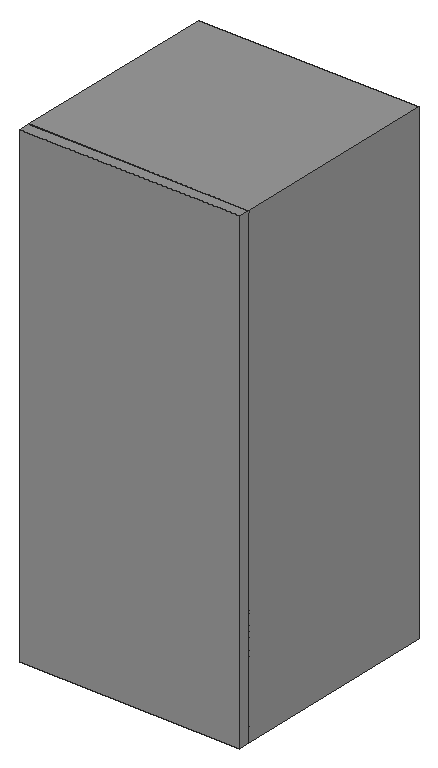
Revit family "AVLN_Холодильная камера", category Мебель, Revit 2019
Family settings
  Номер OmniClass = 23.40.20.00
  Заголовок OmniClass = General Furniture and Specialties
  На основе рабочей плоскости = Нет
  Всегда вертикально = Да
  При загрузке вырезать с полостями = Нет
  Общий = Нет
  Точка расчета площади = Нет
Parameters (values of type "Холодильник фармацевтический специализированный")
  Описание = "Холодильник фармацевтический специализированный, дверь металлическая сталь, 607х600х1300, Э:U=220В, 50Гц, P=220ВТ"
  М.основы = Металл, окрашенный, белый, матовый
  Type Comments = ""
  Keynote = ""
  Manufacturer = ""
  Группа модели = "Оборудование поликлиники"
  ADSK_Размер_Ширина = 607 mm
  ADSK_Размер_Длина = 600 mm
  ADSK_Размер_Высота = 1300 mm
  ADSK_Примечание [instance] = ""
  ADSK_Обозначение = ""
  ADSK_Наименование = "Холодильник фармацевтический специализированный, дверь металлическая сталь, 607х600х1300, Э:U=220В, 50Гц, P=220ВТ"
  ADSK_Масса = 0
  ADSK_Марка = ""
  ADSK_Код изделия = ""
  ADSK_Единица измерения = "шт"  # constant formula
Types (3, lengths in mm): name | Описание | ADSK_Размер_Ширина | ADSK_Размер_Длина | ADSK_Размер_Высота | ADSK_Наименование
  (no name) | "Холодильник фармацевтический специализированный, дверь металлическая сталь, 607х600х1300, Э:U=220В, 50Гц, P=220ВТ" | 607 | 600 | 1300 | "Холодильник фармацевтический специализированный, дверь металлическая сталь, 607х600х1300, Э:U=220В, 50Гц, P=220ВТ"
  Холидильник бытовой однокамерный | "Холодильник бытовой 1 камера, 1 компрессор,\r\n0...+10 градусов, объем общий/холодильной камеры,\r\nл: 295/295, 400х470х830, Э: U=220В, 50Гц, Р=250Вт\r\nХолодильник бытовой 1 камера, 1 компрессор,\r\n0...+10 градусов, объем общий/холодильной камеры,\r\nл: 295/295, 400х470х830, Э: U=220В, 50Гц, Р=250Вт\r\nХолодильник бытовой 1 камера, 1 компрессор,\r\n0...+10 градусов, объем общий/холодильной камеры,\r\nл: 295/295, 400х470х830, Э: U=220В, 50Гц, Р=250Вт\r\nХолодильник бытовой 1 камера, 1 компрессор, 0...+10 градусов, объем общих/холодильной камеры, л: 295/295, 400х470х830, э: U=220B, 50Гц, Р=250Вт" | 470 | 400 | 830 | "Холодильник бытовой 1 камера, 1 компрессор,\r\n0...+10 градусов, объем общий/холодильной камеры,\r\nл: 295/295, 400х470х830, Э: U=220В, 50Гц, Р=250Вт\r\nХолодильник бытовой 1 камера, 1 компрессор,\r\n0...+10 градусов, объем общий/холодильной камеры,\r\nл: 295/295, 400х470х830, Э: U=220В, 50Гц, Р=250Вт\r\nХолодильник бытовой 1 камера, 1 компрессор,\r\n0...+10 градусов, объем общий/холодильной камеры,\r\nл: 295/295, 400х470х830, Э: U=220В, 50Гц, Р=250Вт\r\nХолодильник бытовой 1 камера, 1 компрессор, 0...+10 градусов, объем общих/холодильной камеры, л: 295/295, 400х470х830, э: U=220B, 50Гц, Р=250Вт"
  Холодильник фармацевтический специализированный | "Холодильник фармацевтический специализированный, дверь металлическая сталь, 607х600х1300, Э:U=220В, 50Гц, P=220ВТ" | 607 | 600 | 1300 | "Холодильник фармацевтический специализированный, дверь металлическая сталь, 607х600х1300, Э:U=220В, 50Гц, P=220ВТ"
Reference planes
  plane 1 "По центру (Вперед/Назад)": y = 0
  plane 2: z = 0
  plane 3 "По центру (Влево/Вправо)": x = 0
  plane 4: z = 1300
  plane 5: y = 303.5
  plane 6: x = 300
  plane 7: x = -300
  plane 8: y = -303.5
  plane 9: y = -273.5
Forms (mm)
  Extrusion 1, solid, material "Металл, окрашенный, белый, матовый" <- "М.основы"
    sketch origin (0, -518.993, 592.976) x (-1, 0, 0) y (0, -1, 0)
      loop
        line (300, -822.493) -> (300, -245.493) -> (-300, -245.493) -> (-300, -822.493) -> (300, -822.493)
    from -592.976 to 707.024
  Extrusion 2, solid, material "Металл, окрашенный, белый, матовый" <- "М.основы"
    sketch origin (0, -518.993, 592.976) x (-1, 0, 0) y (0, -1, 0)
      loop
        line (300, -215.493) -> (-300, -215.493) -> (-300, -245.493) -> (300, -245.493) -> (300, -215.493)
    from -592.976 to 707.024
Lines and regions (mm)
  model lines
    curve 1: line (0, -30, 592.976) -> (0, 30, 592.976)
    curve 2: line (21.213, -21.213, 592.976) -> (-21.213, 21.213, 592.976)
    curve 3: line (-21.213, -21.213, 592.976) -> (21.213, 21.213, 592.976)
    curve 7: line (-30, 0, 592.976) -> (30, 0, 592.976)
  model lines, not visible
    curve 4: line (0, -30, 592.976) -> (0, 30, 592.976)
    curve 5: line (21.213, -21.213, 592.976) -> (-21.213, 21.213, 592.976)
    curve 6: line (-21.213, -21.213, 592.976) -> (21.213, 21.213, 592.976)
    curve 8: line (-30, 0, 592.976) -> (30, 0, 592.976)
Dimensions and locks
  plane 2 to plane 4 = 1300 mm
  equal spacing: plane 8, plane 1 "По центру (Вперед/Назад)", plane 5
  equal spacing: plane 7, plane 3 "По центру (Влево/Вправо)", plane 6
  "ADSK_Размер_Длина": plane 7 to plane 6
  "ADSK_Размер_Ширина": plane 5 to plane 8
  "ADSK_Размер_Высота": plane 2 to plane 4
  locked: plane 9 to plane 8 at 30
  aligned and locked: level to plane 2
  aligned and locked: Extrusion 1 sketch curve to plane 5
  aligned and locked: Extrusion 1 sketch curve to plane 7
  aligned and locked: Extrusion 1 sketch curve to plane 6
  aligned and locked: Extrusion 1 to plane 9
  aligned and locked: Extrusion 2 sketch curve to plane 8
  aligned and locked: plane 7 to Extrusion 2 sketch curve
  aligned and locked: Extrusion 2 sketch curve to plane 6
  aligned and locked: Extrusion 2 to plane 9
  aligned and locked: Extrusion 2 to plane 4
  aligned and locked: Extrusion 2 to plane 2
  aligned and locked: Extrusion 1 to plane 4
  aligned and locked: plane 3 "По центру (Влево/Вправо)" to curve 1
  aligned and locked: plane 1 "По центру (Вперед/Назад)" to curve 7
Automatic sketch dimensions
  Extrusion 1 sketch curve to plane 9 = 0 mm
  Extrusion 2 sketch curve to plane 9 = 0 mm
  curve 7 to curve 2 = 8.787 mm
  curve 7 to curve 3 = 8.787 mm
  curve 3 to curve 1 = 21.213 mm
  curve 1 to curve 3 = 21.213 mm
  curve 1 to curve 2 = 21.213 mm
  curve 3 to curve 7 = 8.787 mm
  curve 1 to curve 2 = 8.787 mm
  curve 1 to curve 3 = 8.787 mm
  curve 2 to curve 7 = 21.213 mm
  curve 7 to curve 3 = 21.213 mm
  curve 7 to curve 2 = 21.213 mm
  curve 2 to curve 1 = 8.787 mm
  curve 8 to curve 5 = 8.787 mm
  curve 8 to curve 6 = 8.787 mm
  curve 6 to curve 4 = 21.213 mm
  curve 4 to curve 6 = 21.213 mm
  curve 4 to curve 5 = 21.213 mm
  curve 6 to curve 8 = 8.787 mm
  curve 4 to curve 5 = 8.787 mm
  curve 4 to curve 6 = 8.787 mm
  curve 5 to curve 8 = 21.213 mm
  curve 8 to curve 6 = 21.213 mm
  curve 8 to curve 5 = 21.213 mm
  curve 5 to curve 4 = 8.787 mm
